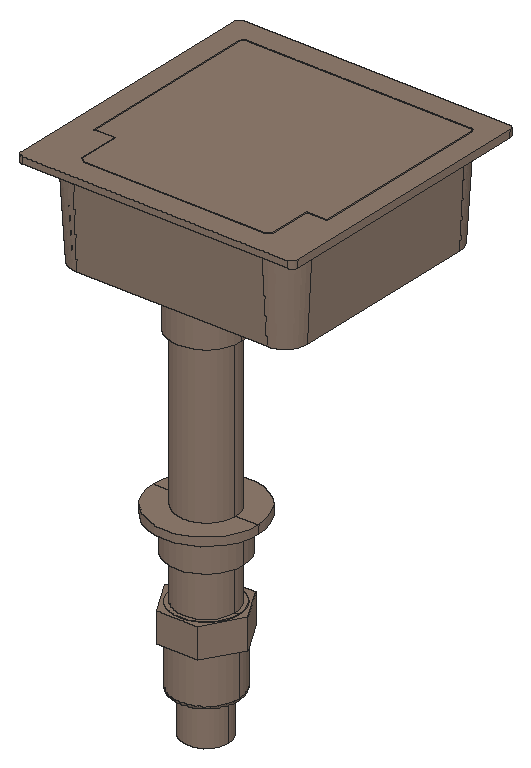
Revit family "Hydrant_Wall-Zurn-Z1305-Encased, Non-Freeze", category Plumbing Fixtures, host Face, Revit 2022
Family settings
  Host = Face
  Round Connector Dimension = Use Radius
  Part Type = Normal
  OmniClass Number = 23.65.70.00
  OmniClass Title = Terminals for Supplied Liquids and Gases
  Cut with Voids When Loaded = No
  Maintain Annotation Orientation = No
  Shared = No
  Room Calculation Point = No
Parameters (values of type "Load Family Type Catalog")
  Youtube clip = ""
  Waste Connection = 1 = 0  # no
  Wall thicknesss = 10.000"
  WFU = 0  # constant formula
  Vent Connection = 1 = 0  # no
  URL = "www.zurn.com"
  Type Comments = "Z1305 - 10 Inch Wall Hydrant"
  Product data url = "https://www.bimobject.com/en/zurnindustries/product/zurn-z1305"
  Product Page URL = "https://www.zurn.com/products/drainage-interceptors/hydrants-and-water-hammer-arrestors/z1305"
  Product Documentation Link = "https://files.zurn.com/spec-sheets/z1305.pdf"
  Modified Date = "10/10/2025"  # constant formula
  Model = "Z1305"  # constant formula
  Manufacturer Brand = "Zurn"  # constant formula
  Manufacturer = "Zurn Water, LLC"  # constant formula
  Main Material = Bronze - Zurn - Casing
  HWFU = 0  # constant formula
  HW Connection = 1 = 0  # no
  Female and Male Radius = 0.525"
  Female and Male Connector = 0.375"
  Description = "Wall Hydrant Encased, Non-Freeze"  # constant formula
  Default Elevation = 25.000"  # constant formula
  Date Created = "09/29/2025"  # constant formula
  Cartridge housing = 2.750"
  CWFU = 1  # constant formula
  CW Connection = 1 = 1  # yes
  Box Width = 6.375"
  Box Height = 2.28125"
  Assembly Code = "D2020100"
  Approx.wt.Lbs = 13.000"
Reference planes (in)
  plane 1 "Center (Front/Back)": y = 0
  plane 2: z = 0
  plane 3 "Center (Left/Right)": x = 0
  plane 4: z = -10
  plane 5: z = -12.75
  plane 6: z = -8
  plane 7: z = -2.28125
  plane 8: y = 3.1875
  plane 9: y = -3.1875
  plane 10: x = -3.1875
  plane 11: x = 3.1875
  plane 12: x = -1.3745
  plane 13: x = -1.8995
  plane 14: x = -0.8495
  plane 15: y = 0.525
  plane 16: y = -0.525
  plane 17: z = -0.15625
  plane 18: through (-2.90127, -180, 0.82154) normal (0.9983, 0, 0.0587)
  plane 19: through (2.89414, -180, 0.70044) normal (0.9983, 0, -0.0587)
  plane 20: z = -2.53125
  plane 21: through (1.94433, -180, -2.16384) normal (0.9986, 0, -0.0523)
  plane 22: through (0.81066, -180, -2.19889) normal (0.9986, 0, 0.0523)
  plane 23: x = -2.58611
  plane 24: x = 0.71608
  plane 25: x = -2.3195
  plane 26: x = -0.4295
  plane 27: x = -0.16389
  plane 28: x = -2.17787
  plane 29: x = -0.56483
  plane 30: x = -2.45927
  plane 31: x = -0.28973
  plane 32: x = -2.27018
  plane 33: x = -0.47882
Lines and regions (in)
  Masking region 1, detail levels fine
    outline origin (0, 0, 0) x (1, 0, 0) y (0, 0, 1)
      loop
        line (3.1875, 0) -> (-3.1875, 0) -> (-3.1875, -0.15625) -> (-2.84375, -0.15625) -> (-2.71875, -2.28125) -> (-2.3195, -2.28125) -> (-2.3195, -8) -> (-2.58611, -8) -> (-2.58611, -8.19103) -> (-2.36789, -8.19103) -> (-2.36789, -8.95513) -> (-2.17787, -8.95513) -> (-2.17787, -10) -> (-2.45927, -10) -> (-2.45927, -10.68918) -> (-2.27018, -10.68918) -> (-2.27018, -11.75075)
        arc (-2.27018, -11.75075) -> (-2.25144, -11.79601) -> (-2.20618, -11.81475) r 0.064
        line (-2.20618, -11.81475) -> (-1.89964, -11.81475) -> (-1.89964, -12.75) -> (-0.84936, -12.75) -> (-0.84936, -11.81475) -> (-0.54282, -11.81475)
        arc (-0.54282, -11.81475) -> (-0.49756, -11.79601) -> (-0.47882, -11.75075) r 0.064
        line (-0.47882, -11.75075) -> (-0.47882, -10.68918) -> (-0.28973, -10.68918) -> (-0.28973, -10) -> (-0.56483, -10) -> (-0.56483, -8.95513) -> (-0.38111, -8.95513) -> (-0.38111, -8.19103) -> (-0.16389, -8.19103) -> (-0.16389, -8) -> (-0.4295, -8) -> (-0.4295, -2.28125) -> (0.76282, -2.28125)
        arc (0.76282, -2.28125) -> (0.80251, -2.3028) -> (0.81832, -2.34511) r 0.06448
        line (0.81832, -2.34511) -> (0.82505, -2.47335)
        arc (0.82505, -2.47335) -> (0.83844, -2.50935) -> (0.87, -2.53125) r 0.06418
        line (0.87, -2.53125) -> (1.86722, -2.53125)
        arc (1.86722, -2.53125) -> (1.91039, -2.51337) -> (1.92827, -2.4702) r 0.06105
        line (1.92827, -2.4702) -> (1.93522, -2.33766)
        arc (1.93522, -2.33766) -> (1.95174, -2.29777) -> (1.99163, -2.28125) r 0.05641
        line (1.99163, -2.28125) -> (2.71875, -2.28125) -> (2.84375, -0.15625) -> (3.1875, -0.15625) -> (3.1875, 0)
  model lines, detail levels coarse+medium
    curve 1: line (3.0625, 3.1875, 0) -> (-3.0625, 3.1875, 0)
    curve 2: line (3.1875, -3.0625, 0) -> (3.1875, 3.0625, 0)
    curve 3: line (-3.0625, -3.1875, 0) -> (3.0625, -3.1875, 0)
    curve 4: line (-3.1875, 3.0625, 0) -> (-3.1875, -3.0625, 0)
    curve 5: arc (-3.0625, 3.1875, 0) -> (-3.15089, 3.15089, 0) -> (-3.1875, 3.0625, 0) r 0.125
    curve 6: arc (3.1875, 3.0625, 0) -> (3.15089, 3.15089, 0) -> (3.0625, 3.1875, 0) r 0.125
    curve 7: arc (3.0625, -3.1875, 0) -> (3.15089, -3.15089, 0) -> (3.1875, -3.0625, 0) r 0.125
    curve 8: arc (-3.1875, -3.0625, 0) -> (-3.15089, -3.15089, 0) -> (-3.0625, -3.1875, 0) r 0.125
    curve 9: line (-1.3745, 0, 0) -> (-1.3745, 0, -12.75)
    curve 10: line (-1.8995, 0, -12.75) -> (-0.8495, 0, -12.75)
    curve 11: line (-1.3745, 0.525, -12.75) -> (-1.3745, -0.525, -12.75)
Dimensions and locks (in)
  "Wall thicknesss": level to plane 4
  "Cartridge housing": plane 4 to plane 5
  plane 6 to plane 4 = 2.000"
  "Box Height": level to plane 7
  equal spacing: plane 10, plane 3 "Center (Left/Right)", plane 11
  equal spacing: plane 8, plane 1 "Center (Front/Back)", plane 9
  "Box Width": plane 8 to plane 9
  "Box Width": plane 10 to plane 11
  plane 12 to plane 10 = 1.813"
  "Female and Male Radius": plane 12 to plane 13
  "Female and Male Radius": plane 14 to plane 12
  "Female and Male Radius": plane 15 to plane 1 "Center (Front/Back)"
  "Female and Male Radius": plane 1 "Center (Front/Back)" to plane 16
  plane 4 to plane 5 = 2.750"
  level to plane 4 = 10.000"
  aligned and locked: plane 2 to host face
  aligned and locked: level to host face
  aligned and locked: nested 1 to plane 10
  aligned and locked: plane 11 to nested 1
  aligned and locked: plane 8 to nested 1
  aligned and locked: nested 1 to plane 9
  aligned and locked: plane 3 "Center (Left/Right)" to nested 1
  aligned and locked: plane 1 "Center (Front/Back)" to nested 1
  aligned and locked: curve 2 to nested 1
  aligned and locked: curve 5 to nested 1
  aligned and locked: curve 6 to nested 1
  aligned and locked: curve 8 to nested 1
  aligned and locked: level to curve 9
  aligned and locked: plane 5 to curve 9
  aligned and locked: curve 9 to plane 1 "Center (Front/Back)"
  aligned and locked: plane 13 to curve 10
  aligned and locked: plane 14 to curve 10
  aligned and locked: curve 10 to plane 5
  aligned and locked: plane 15 to curve 11
  aligned and locked: plane 16 to curve 11
  aligned and locked: curve 11 to plane 12
  aligned and locked: Masking region 1 sketch curve to nested 1
  aligned and locked: Masking region 1 sketch curve to plane 7
  aligned and locked: plane 7 to Masking region 1 sketch curve  (x2)
  aligned and locked: Masking region 1 sketch curve to plane 10
  aligned and locked: Masking region 1 sketch curve to plane 11
  aligned and locked: plane 6 to Masking region 1 sketch curve
  aligned and locked: Masking region 1 sketch curve to plane 6
  aligned and locked: plane 4 to Masking region 1 sketch curve
  aligned and locked: Masking region 1 sketch curve to plane 4
  aligned and locked: plane 17 to Masking region 1 sketch curve
  aligned and locked: plane 19 to Masking region 1 sketch curve
  aligned and locked: plane 18 to Masking region 1 sketch curve
  aligned and locked: plane 22 to Masking region 1 sketch curve
  aligned and locked: plane 21 to Masking region 1 sketch curve
  aligned and locked: plane 25 to Masking region 1 sketch curve
  aligned and locked: plane 26 to Masking region 1 sketch curve
  aligned and locked: plane 23 to Masking region 1 sketch curve
  aligned and locked: plane 27 to Masking region 1 sketch curve
  aligned and locked: Masking region 1 sketch curve to plane 28
  aligned and locked: Masking region 1 sketch curve to plane 29
  aligned and locked: Masking region 1 sketch curve to plane 30
  aligned and locked: Masking region 1 sketch curve to plane 31
  aligned and locked: Masking region 1 sketch curve to plane 33
  aligned and locked: Masking region 1 sketch curve to plane 32
Automatic sketch dimensions
  host sketch curve to host sketch curve = 114.54687"
  host sketch curve to host sketch curve = 92.45826"
  plane 9 to curve 2 = 0.125"
  Masking region 1 sketch curve to plane 17 = 0.000"
  Masking region 1 sketch curve to plane 5 = 0.000"
  Masking region 1 sketch curve to plane 20 = 0.000"
  Masking region 1 sketch curve to plane 25 = 0.04839"
  Masking region 1 sketch curve to plane 28 = 0.02832"
  Masking region 1 sketch curve to plane 13 = 0.00014"
  plane 14 to Masking region 1 sketch curve = 0.00014"
  plane 29 to Masking region 1 sketch curve = 0.02201"
  plane 26 to Masking region 1 sketch curve = 0.04839"
  plane 24 to Masking region 1 sketch curve = 0.03776"
  plane 24 to Masking region 1 sketch curve = 0.04673"
  plane 20 to Masking region 1 sketch curve = 0.0579"
  Masking region 1 sketch curve to Masking region 1 sketch curve = 0.04495"
  plane 20 to Masking region 1 sketch curve = 0.06105"
  Masking region 1 sketch curve to plane 7 = 0.05641"
  Masking region 1 sketch curve to Masking region 1 sketch curve = 0.93525"  (x2)
  Masking region 1 sketch curve to Masking region 1 sketch curve = 0.000"  (x3)
  Masking region 1 sketch curve to plane 4 = 0.68918"  (x2)
  Masking region 1 sketch curve to plane 6 = 0.95513"  (x2)
  Masking region 1 sketch curve to plane 6 = 0.19103"  (x2)
Nested families (in)
  nested 1: "Z1305" at (0, 0, 0), Female and Male Radius <- "Female and Male Radius", type "Z1305", detail levels fine
    with Female and Male Radius 0.525"
Connectors (in)
  piping at (-1.3745, 0, -12.75), diameter 0.75, driven by "Female and Male Connector", driven by "Waste Connection"
    settings: on nested 1, index 1, connector inside diameter 609.6 mm, connector length 0.000", flow factor 0, pipe flow 0.0 L/s, pressure drop 0.0 Pa, fitting loss kfactor 0, connector angle 0.00°, fixture units 0, engagement length 0.000", angle of deflection 0.00°, flow configuration 0, flow direction 1, fitting loss method 0, system type 16, joint type 0, gender type 0, connector reference index -1, connector utility 0, adjustable connector no, is connector primary yes, connector description "Inlet Connection"
Definition of nested family "Z1305"
  Parameters (values of type "Z1305")
    Wall Thickness = 10.000"
    Material Main = none
    Female and Male Radius [instance] = 0.658"
    Default Elevation = 0.000"
    A = 6.375"  # constant formula
    8 = no
  Reference planes (in)
    plane 1 "Center (Front/Back)": y = 0
    plane 2: z = 0
    plane 3 "Center (Left/Right)": x = 0
    plane 4: x = -3.1875
    plane 5: x = 3.1875
    plane 6: y = -3.1875
    plane 7: y = 3.1875
    plane 8: z = -2.28125
    plane 9: z = -10
    plane 10: z = -12.75
    plane 11: z = -7.81481
    plane 12: x = -1.3745
  Forms (in)
    Sweep 1, solid, material <- "Material Main", detail levels fine
      path origin (0, 0, 0) x (1, 0, 0) y (0, 1, 0)
        loop
          arc (-3.1875, -2.1875) -> (-2.89461, -2.89461) -> (-2.1875, -3.1875) r 1
          line (-2.1875, -3.1875) -> (2.1875, -3.1875)
          arc (2.1875, -3.1875) -> (2.89461, -2.89461) -> (3.1875, -2.1875) r 1
          line (3.1875, -2.1875) -> (3.1875, 2.1875)
          arc (3.1875, 2.1875) -> (2.89461, 2.89461) -> (2.1875, 3.1875) r 1
          line (2.1875, 3.1875) -> (-2.1875, 3.1875)
          arc (-2.1875, 3.1875) -> (-2.89461, 2.89461) -> (-3.1875, 2.1875) r 1
          line (-3.1875, 2.1875) -> (-3.1875, -2.1875)
      profile origin (-3.1875, 0, 0) x (-1, 0, 0) y (0, 0, 1)
        loop
          line (-0.34375, -0.15625) -> (-0.46897, -0.15625) -> (-0.48219, -0.38102) -> (-0.59397, -2.28125) -> (-0.46875, -2.28125) -> (-0.34375, -0.15625)
    Extrusion 2, solid, material <- "Material Main", detail levels fine
      sketch origin (0, 0, 0) x (1, 0, 0) y (0, 1, 0)
        loop
          arc (-3.0625, 3.1875) -> (-3.15089, 3.15089) -> (-3.1875, 3.0625) r 0.125
          line (-3.1875, 3.0625) -> (-3.1875, -3.0625)
          arc (-3.1875, -3.0625) -> (-3.15089, -3.15089) -> (-3.0625, -3.1875) r 0.125
          line (-3.0625, -3.1875) -> (3.0625, -3.1875)
          arc (3.0625, -3.1875) -> (3.15089, -3.15089) -> (3.1875, -3.0625) r 0.125
          line (3.1875, -3.0625) -> (3.1875, 3.0625)
          arc (3.1875, 3.0625) -> (3.15089, 3.15089) -> (3.0625, 3.1875) r 0.125
          line (3.0625, 3.1875) -> (-3.0625, 3.1875)
      from -0.15625 to 0
    Extrusion 3, solid, material <- "Material Main", detail levels fine
      sketch origin (0, 0, 0) x (1, 0, 0) y (0, 1, 0)
        loop
          line (-2.62478, 2.21875) -> (-2.62478, -2.21875)
          arc (-2.62478, -2.21875) -> (-2.50586, -2.50586) -> (-2.21875, -2.62478) r 0.40603
          line (-2.21875, -2.62478) -> (2.21875, -2.62478)
          arc (2.21875, -2.62478) -> (2.50586, -2.50586) -> (2.62478, -2.21875) r 0.40603
          line (2.62478, -2.21875) -> (2.62478, 2.21875)
          arc (2.62478, 2.21875) -> (2.50586, 2.50586) -> (2.21875, 2.62478) r 0.40603
          line (2.21875, 2.62478) -> (-2.21875, 2.62478)
          arc (-2.21875, 2.62478) -> (-2.50586, 2.50586) -> (-2.62478, 2.21875) r 0.40603
      from -2.28125 to -2.20216
    Revolve 4, solid, material <- "Material Main", detail levels fine
      sketch origin (0, 0, 0) x (1, 0, 0) y (0, 0, 1)
        loop
          line (0.81582, -2.33768) -> (0.82388, -2.47472)
          arc (0.82388, -2.47472) -> (0.84262, -2.51485) -> (0.88378, -2.5312) r 0.06
          line (0.88378, -2.5312) -> (1.375, -2.5312) -> (1.375, -2.24609) -> (0.75593, -2.24609) -> (0.75593, -2.2812)
          arc (0.75593, -2.2812) -> (0.79709, -2.29755) -> (0.81582, -2.33768) r 0.06
        axis (1.375, -2.24609) -> (1.375, -2.5312)
      angle from 0 to 360
    Extrusion 5, void, detail levels fine
      sketch origin (0, 0, 0) x (1, 0, 0) y (0, 1, 0)
        loop
          line (-2.67188, -1.60938) -> (-2.20313, -1.60938) -> (-2.20313, -2.54688) -> (-2.07813, -2.67188) -> (2.10937, -2.67187) -> (2.23437, -2.54687) -> (2.23437, -1.60937) -> (2.70312, -1.60937) -> (2.70312, 2.54688)
          arc (2.70312, 2.54688) -> (2.66651, 2.63526) -> (2.57812, 2.67188) r 0.125
          line (2.57812, 2.67188) -> (-2.54688, 2.67187)
          arc (-2.54688, 2.67187) -> (-2.63526, 2.63526) -> (-2.67188, 2.54687) r 0.125
          line (-2.67188, 2.54687) -> (-2.67188, -1.60938)
        loop
          line (-2.65234, -1.58984) -> (-2.18359, -1.58984) -> (-2.18359, -2.53878) -> (-2.07003, -2.65234) -> (2.10128, -2.65234) -> (2.21484, -2.53878) -> (2.21484, -1.58984) -> (2.68359, -1.58984) -> (2.68359, 2.54688)
          arc (2.68359, 2.54688) -> (2.6527, 2.62145) -> (2.57812, 2.65234) r 0.10547
          line (2.57812, 2.65234) -> (-2.54688, 2.65234)
          arc (-2.54688, 2.65234) -> (-2.62145, 2.62145) -> (-2.65234, 2.54687) r 0.10547
          line (-2.65234, 2.54687) -> (-2.65234, -1.58984)
      from -0.0463 to 0.04824
    Revolve 6, solid, material <- "Material Main", detail levels fine
      sketch origin (0, 0, 0) x (1, 0, 0) y (0, 0, 1)
        loop
          line (-2.1875, -2.7812) -> (-2.1875, -4.3437) -> (-2.04487, -4.40738) -> (-2.04487, -10) -> (-2.13911, -10) -> (-2.13911, -11.75108)
          arc (-2.13911, -11.75108) -> (-2.12046, -11.7961) -> (-2.07543, -11.81475) r 0.06368
          line (-2.07543, -11.81475) -> (-1.375, -11.81475) -> (-1.375, -2.28125) -> (-2.19085, -2.28125)
          arc (-2.19085, -2.28125) -> (-2.23365, -2.33035) -> (-2.29757, -2.34286) r 0.10043
          line (-2.29757, -2.34286) -> (-2.325, -2.3587) -> (-2.24706, -2.4037) -> (-2.325, -2.4487) -> (-2.24706, -2.4937) -> (-2.325, -2.5387) -> (-2.24706, -2.5837) -> (-2.325, -2.6287) -> (-2.24706, -2.6737) -> (-2.325, -2.7187) -> (-2.25, -2.7187)
          arc (-2.25, -2.7187) -> (-2.20581, -2.73701) -> (-2.1875, -2.7812) r 0.0625
        axis (-1.375, -2.28125) -> (-1.375, -11.81475)
      angle from 0 to 360
    Sweep 7, solid, material <- "Material Main", detail levels fine
      path origin (0, 0, 0) x (1, 0, 0) y (0, 0, 1)
        loop
          line (-1.375, -10) -> (-1.375, -10.68707)
      profile origin (-1.375, 0, -10.34354) x (0, -1, 0) y (1, 0, 0)
        loop
          line (0, 0.95) -> (-0.82272, 0.475) -> (-0.82272, -0.475) -> (0, -0.95) -> (0.82272, -0.475) -> (0.82272, 0.475) -> (0, 0.95)
    Revolve 8, solid, material <- "Material Main", detail levels fine
      sketch origin (0, 0, 0) x (1, 0, 0) y (0, 0, 1)
        loop
          line (-2.23589, -8.19103) -> (-2.23589, -8.95513) -> (-1.375, -8.95513) -> (-1.375, -8) -> (-2.58611, -8) -> (-2.58611, -8.19103) -> (-2.23589, -8.19103)
        axis (-1.375, -8.95513) -> (-1.375, -8)
      angle from 0 to 360
    Extrusion 9, solid, material <- "Material Main", detail levels fine
      sketch origin (0, 0, 0) x (1, 0, 0) y (0, 1, 0)
        loop
          circle (-1.3745, 0) r 0.658
      from -12.75 to -7.81481
  Cuts and joins
    joined: Sweep 1, Extrusion 3, Revolve 4
    Extrusion 5 cuts Extrusion 2
  Lines and regions (in)
    symbolic lines, detail levels coarse+medium
      curve 1: line (-2.8868, 0, -2.28125) -> (0.44887, 0, -2.28125)
    symbolic lines, detail levels fine
      curve 2: line (0, -3.1875, -0.15625) -> (0, 3.1875, -0.15625)
      curve 3: line (0, -0.82272, -10) -> (0, 0.82272, -10)
      curve 4: line (0, -0.95, -2.7187) -> (0, 0, -2.7187)
      curve 5: line (0, -0.70285, -11.81501) -> (0, 0.70847, -11.81501)
      curve 8: line (0, -0.95, -2.6287) -> (0, 0.95, -2.6287)
      curve 9: line (0, 0.95, -2.5387) -> (0, -0.95, -2.5387)
      curve 10: line (0, -0.95, -2.4487) -> (0, -0.55275, -2.4487)
      curve 11: line (0, -0.9225, -2.34283) -> (0, -0.55888, -2.34283)
      curve 12: line (0, 0.95, -2.4487) -> (0, 0.55275, -2.4487)
      curve 13: line (0, 0.95, -2.3587) -> (0, 0.55796, -2.3587)
      curve 14: line (0, 0.9225, -2.34283) -> (0, 0.55888, -2.34283)
      curve 15: line (0, 0, -10.68707) -> (0, 0, -10)
    symbolic lines, visible <- "8", detail levels fine
      curve 6: line (0, -0.66987, -4.40738) -> (0, 0.66987, -4.40738)
      curve 7: line (0, -0.8125, -4.3437) -> (0, 0.8125, -4.3437)
  Dimensions and locks (in)
    equal spacing: plane 7, plane 1 "Center (Front/Back)", plane 6
    equal spacing: plane 4, plane 3 "Center (Left/Right)", plane 5
    "A": plane 7 to plane 6
    "A": plane 4 to plane 5
    locked: plane 2 to plane 8 at 2.28125
    "Wall Thickness": plane 2 to plane 9
    locked: plane 8 to Revolve 6 sketch curve at 2.12613
    locked: plane 8 to Revolve 6 sketch curve at 0.43745
    locked: plane 9 to Revolve 6 sketch curve at 1.81475
    locked: plane 9 to Sweep 7 sketch curve at 0.68707
    locked: Revolve 8 sketch curve to plane 9 at 2
    locked: Revolve 8 sketch curve to plane 9 at 1.04487
    locked: Revolve 8 sketch curve to plane 9 at 1.80897
    locked: plane 9 to Sweep 7 at 0.68707
    locked: plane 9 to curve 5 at 1.81501
    locked: curve 6 to plane 8 at 2.12613
    locked: curve 7 to plane 8 at 2.06245
    plane 9 to plane 10 = 2.750"
    plane 12 to plane 4 = 1.813"
    "Female and Male Radius": radius of Extrusion 9 sketch curve
    aligned and locked: level to plane 2
    aligned and locked: plane 8 to Revolve 6 sketch curve
    aligned and locked: Revolve 6 sketch curve to plane 9
    aligned and locked: plane 9 to Sweep 7 sketch curve
    aligned and locked: curve 2 to cut or joined group of Extrusion 2, Extrusion 5
    aligned and locked: curve 3 to Sweep 7
    aligned and locked: curve 4 to Revolve 6
    aligned and locked: plane 9 to curve 15
    aligned and locked: plane 12 to Extrusion 9 sketch curve
    aligned and locked: plane 1 "Center (Front/Back)" to Extrusion 9 sketch curve
    aligned and locked: Extrusion 9 to plane 10
    aligned and locked: plane 11 to Extrusion 9
  Automatic sketch dimensions
    Sweep 7 sketch curve to plane 3 "Center (Left/Right)" = 1.375"
    curve 1 to plane 8 = 0.000"
    plane 3 "Center (Left/Right)" to curve 1 = 0.44887"
    Sweep 1 sketch curve to plane 4 = 0.000"
    Sweep 1 sketch curve to plane 7 = 0.000"
    Sweep 1 sketch curve to plane 6 = 0.000"
    Sweep 1 sketch curve to plane 5 = 0.000"
    plane 4 to Sweep 1 sketch curve = 1.000"  (x2)
    Sweep 1 sketch curve to plane 5 = 1.000"
    Sweep 1 sketch curve to Sweep 1 sketch curve = 1.000"
    profile plane to Sweep 1 sketch curve = 0.59397"
    profile plane to Sweep 1 sketch curve = 0.48219"
    Sweep 1 sketch curve to level = 0.15625"
    Sweep 1 sketch curve to Sweep 1 sketch curve = 0.01322"
    Sweep 1 sketch curve to Sweep 1 sketch curve = 0.12522"  (x2)
    Sweep 1 sketch curve to Sweep 1 sketch curve = 0.22477"
    Sweep 1 sketch curve to Sweep 1 sketch curve = 1.90023"
    Extrusion 2 sketch curve to plane 4 = 0.000"
    Extrusion 2 sketch curve to plane 7 = 0.000"
    Extrusion 2 sketch curve to plane 6 = 0.000"
    Extrusion 2 sketch curve to plane 5 = 0.000"
    plane 4 to Extrusion 2 sketch curve = 0.125"
    Extrusion 2 sketch curve to Extrusion 2 sketch curve = 0.125"  (x2)
    Extrusion 2 sketch curve to plane 5 = 0.125"
    plane 4 to Extrusion 3 sketch curve = 0.56272"
    Extrusion 3 sketch curve to Extrusion 3 sketch curve = 0.40603"  (x3)
    Extrusion 3 sketch curve to plane 5 = 0.96875"  (x2)
    plane 6 to Extrusion 3 sketch curve = 0.56272"
    Extrusion 3 sketch curve to plane 7 = 0.96875"
    plane 8 to Revolve 4 sketch curve = 0.05995"
    plane 3 "Center (Left/Right)" to Revolve 4 sketch curve = 0.75593"
    plane 8 to Revolve 4 sketch curve = 0.05643"
    Revolve 4 sketch curve to Revolve 4 sketch curve = 0.0599"  (x2)
    plane 8 to Revolve 4 sketch curve = 0.19347"
    Revolve 4 sketch curve to Revolve 4 sketch curve = 0.00806"
    Revolve 4 sketch curve to Revolve 4 sketch curve = 0.49122"
    Revolve 4 sketch curve to Revolve 4 sketch curve = 0.05648"
    Revolve 4 sketch curve to plane 8 = 0.03516"
    Revolve 4 sketch curve to Revolve 4 sketch curve = 0.000"
    Revolve 4 sketch curve to Revolve 4 sketch curve = 0.23428"
    plane 8 to Revolve 4 sketch curve = 0.06245"
    Extrusion 5 sketch curve to Extrusion 5 sketch curve = 0.000"  (x4)
    plane 4 to Extrusion 5 sketch curve = 0.51562"
    Extrusion 5 sketch curve to Extrusion 5 sketch curve = 0.01953"  (x5)
    Extrusion 5 sketch curve to Extrusion 5 sketch curve = 0.10547"  (x4)
    Extrusion 5 sketch curve to Extrusion 5 sketch curve = 0.44922"  (x2)
    plane 6 to Extrusion 5 sketch curve = 0.51562"
    Extrusion 5 sketch curve to Extrusion 5 sketch curve = 0.00809"  (x4)
    plane 6 to Extrusion 5 sketch curve = 0.53516"
    Extrusion 5 sketch curve to plane 5 = 1.08622"
    Extrusion 5 sketch curve to Extrusion 5 sketch curve = 0.11356"
    Extrusion 5 sketch curve to plane 5 = 0.60938"
    Extrusion 5 sketch curve to Extrusion 5 sketch curve = 0.92941"  (x2)
    Extrusion 5 sketch curve to plane 7 = 0.64063"
    plane 4 to Revolve 6 sketch curve = 0.8625"
    plane 8 to Revolve 6 sketch curve = 0.07745"
    Revolve 6 sketch curve to Revolve 6 sketch curve = 0.000"  (x4)
    plane 8 to Revolve 6 sketch curve = 0.34745"
    plane 8 to Revolve 6 sketch curve = 0.25745"
    plane 8 to Revolve 6 sketch curve = 0.16745"
    plane 8 to Revolve 6 sketch curve = 0.06161"
    Revolve 6 sketch curve to Revolve 6 sketch curve = 0.02743"
    Revolve 6 sketch curve to plane 8 = 0.03787"
    Revolve 6 sketch curve to Revolve 6 sketch curve = 0.01371"
    Revolve 6 sketch curve to Revolve 6 sketch curve = 0.075"
    plane 8 to Revolve 6 sketch curve = 0.30245"
    Revolve 6 sketch curve to Revolve 6 sketch curve = 0.07794"  (x2)
    plane 8 to Revolve 6 sketch curve = 0.12245"
    Revolve 6 sketch curve to Revolve 6 sketch curve = 0.05051"
    plane 8 to Revolve 6 sketch curve = 0.21245"
    plane 8 to Revolve 6 sketch curve = 0.39245"
    Revolve 6 sketch curve to Revolve 6 sketch curve = 0.00294"
    plane 4 to Revolve 6 sketch curve = 1.000"
    plane 4 to Revolve 6 sketch curve = 1.04839"
    Revolve 6 sketch curve to Revolve 6 sketch curve = 0.06368"  (x2)
    Revolve 6 sketch curve to Revolve 6 sketch curve = 0.09424"
    Revolve 6 sketch curve to Revolve 6 sketch curve = 0.70043"
    Revolve 6 sketch curve to plane 3 "Center (Left/Right)" = 1.375"
    Revolve 6 sketch curve to Revolve 6 sketch curve = 2.2643"
    Revolve 6 sketch curve to Revolve 6 sketch curve = 0.7643"
    Revolve 8 sketch curve to plane 9 = 0.000"
    plane 4 to Revolve 8 sketch curve = 0.60139"
    Revolve 8 sketch curve to Revolve 8 sketch curve = 0.35022"
    Revolve 8 sketch curve to Revolve 8 sketch curve = 0.86089"
    Revolve 8 sketch curve to Revolve 8 sketch curve = 0.000"
    Revolve 8 sketch curve to Revolve 8 sketch curve = 0.250"
    curve 2 to plane 6 = 0.000"
    curve 4 to plane 1 "Center (Front/Back)" = 0.000"
    curve 15 to plane 1 "Center (Front/Back)" = 0.000"
    curve 2 to plane 7 = 0.000"
    curve 9 to curve 8 = 0.000"
    curve 10 to curve 9 = 0.000"
    curve 4 to curve 8 = 0.000"
    plane 1 "Center (Front/Back)" to curve 7 = 0.8125"
    plane 1 "Center (Front/Back)" to curve 5 = 0.70285"
    curve 7 to curve 6 = 0.14263"
    curve 6 to plane 1 "Center (Front/Back)" = 0.66987"
    curve 5 to plane 1 "Center (Front/Back)" = 0.70847"
    curve 6 to curve 7 = 0.14263"
    curve 14 to curve 13 = 0.0275"
    curve 12 to curve 9 = 0.000"
    curve 4 to curve 8 = 0.090"
    curve 2 to level = 0.15625"
    plane 4 to curve 1 = 0.3007"
    curve 10 to curve 11 = 0.0275"
    plane 8 to curve 11 = 0.06158"
    plane 1 "Center (Front/Back)" to curve 11 = 0.55888"
    curve 9 to curve 11 = 0.39112"
    curve 9 to curve 10 = 0.090"
    curve 12 to curve 13 = 0.000"
    plane 8 to curve 14 = 0.06158"
    curve 13 to curve 14 = 0.00092"
    curve 9 to curve 12 = 0.090"
    curve 13 to curve 14 = 0.01587"
    curve 12 to curve 13 = 0.00521"
    curve 14 to plane 1 "Center (Front/Back)" = 0.55888"
    curve 11 to curve 10 = 0.00612"
    plane 8 to curve 4 = 0.43745"
    curve 14 to curve 14 = 0.36362"
    curve 8 to curve 9 = 0.000"
    curve 8 to curve 9 = 0.090"
    plane 1 "Center (Front/Back)" to curve 3 = 0.82272"
    curve 15 to curve 3 = 0.82272"
    curve 15 to plane 9 = 0.68707"
Types in the file's own list only (14): name | Wall thicknesss | Type Comments | Female and Male Radius | Female and Male Connector | Default Elevation | Cartridge housing | Box Width | Box Height | Approx.wt.Lbs
  Z1305 - 6" Wall Hydrant w/ 3/4" Female Inlet | 6.000 " | "Z1305 - 6 Inch Wall Hydrant with 3/4 Inch Female Inlet" | 0.525 " | 0.375 " | 25.000 " | 2.750 " | 6.375 " | 2.281 " | 11.000 "
  Z1305 - 6" Wall Hydrant w/ 1" Male Inlet | 6.000 " | "Z1305 - 6 Inch Wall Hydrant with 1 Inch Male Inlet" | 0.658 " | 0.500 " | 25.000 " | 2.750 " | 6.375 " | 2.281 " | 11.000 "
  Z1305 - 8" Wall Hydrant w/ 3/4" Female Inlet | 8.000 " | "Z1305 - 8 Inch Wall Hydrant with 3/4 Inch Female Inlet" | 0.525 " | 0.375 " | 25.000 " | 2.750 " | 6.375 " | 2.281 " | 11.000 "
  Z1305 - 8" Wall Hydrant w/ 1" Male Inlet | 8.000 " | "Z1305 - 8 Inch Wall Hydrant with 1 Inch Male Inlet" | 0.658 " | 0.500 " | 25.000 " | 2.750 " | 6.375 " | 2.281 " | 11.000 "
  Z1305 - 10 Wall Hydrant w/ 3/4 Male Inlet | 10.000 " | "Z1305 - 10 Inch Wall Hydrant with 3/4 Inch Female Inlet" | 0.525 " | 0.375 " | 25.000 " | 2.750 " | 6.375 " | 2.281 " | 13.000 "
  Z1305 - 10 Wall Hydrant w/ 1 Male Inlet | 10.000 " | "Z1305 - 10 Inch Wall Hydrant with 1 Inch Male Inlet" | 0.658 " | 0.500 " | 25.000 " | 2.750 " | 6.375 " | 2.281 " | 13.000 "
  Z1305 - 12" Wall Hydrant w/ 3/4" Female Inlet | 12.000 " | "Z1305 - 12 Inch Wall Hydrant with 3/4 Inch Female Inlet" | 0.525 " | 0.375 " | 25.000 " | 2.750 " | 6.375 " | 2.281 " | 13.000 "
  Z1305 - 12" Wall Hydrant w/ 1" Male Inlet | 12.000 " | "Z1305 - 12 Inch Wall Hydrant with 1 Inch Male Inlet" | 0.658 " | 0.500 " | 25.000 " | 2.750 " | 6.375 " | 2.281 " | 13.000 "
  Z1305 - 14" Wall Hydrant w/ 3/4" Female Inlet | 14.000 " | "Z1305 - 14 Inch Wall Hydrant with 3/4 Inch Female Inlet" | 0.525 " | 0.375 " | 25.000 " | 2.750 " | 6.375 " | 2.281 " | 13.000 "
  Z1305 - 14" Wall Hydrant w/ 1" Male Inlet | 14.000 " | "Z1305 - 14 Inch Wall Hydrant with 1 Inch Male Inlet" | 0.658 " | 0.500 " | 25.000 " | 2.750 " | 6.375 " | 2.281 " | 13.000 "
  Z1305 - 16" Wall Hydrant w/ 3/4" Female Inlet | 16.000 " | "Z1305 - 16 Inch Wall Hydrant with 3/4 Inch Female Inlet" | 0.525 " | 0.375 " | 25.000 " | 2.750 " | 6.375 " | 2.281 " | 15.000 "
  Z1305 - 16" Wall Hydrant w/ 1" Male Inlet | 16.000 " | "Z1305 - 16 Inch Wall Hydrant with 1 Inch Male Inlet" | 0.658 " | 0.500 " | 25.000 " | 2.750 " | 6.375 " | 2.281 " | 15.000 "
  Z1305 - 24" Wall Hydrant w/ 3/4" Female Inlet | 24.000 " | "Z1305 - 24 Inch Wall Hydrant with 3/4 Inch Female Inlet" | 0.525 " | 0.375 " | 25.000 " | 2.750 " | 6.375 " | 2.281 " | 17.000 "
  Z1305 - 24" Wall Hydrant w/ 1" Male Inlet | 24.000 " | "Z1305 - 24 Inch Wall Hydrant with 1 Inch Male Inlet" | 0.658 " | 0.500 " | 25.000 " | 2.750 " | 6.375 " | 2.281 " | 17.000 "
